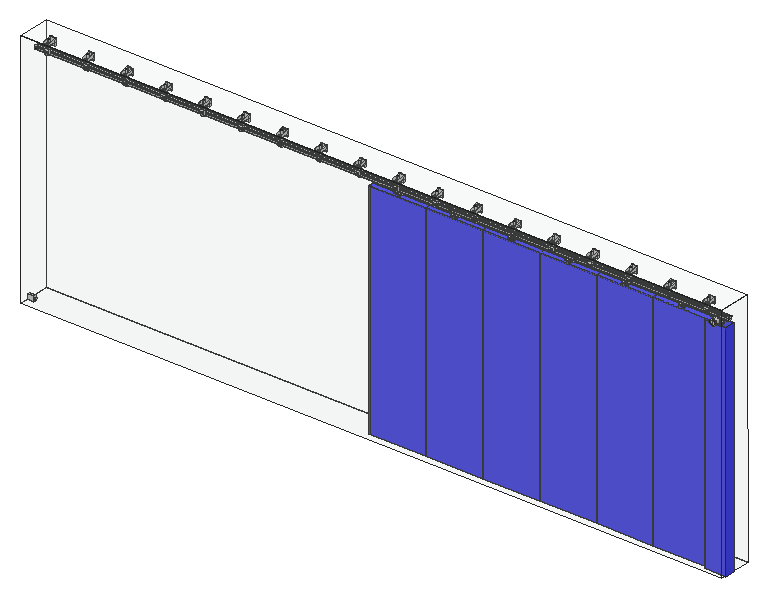
Revit family "Somati-System_SGS_Horizontal-fire-sliding-door_9050_lintel_EI60_W-to-H-higher-than-1,3", category Doors, host Wall, Revit 2018
Family settings
  Host = Wall
  OmniClass Number = 23.30.10.00
  OmniClass Title = Doors
  Always vertical = Yes
  Cut with Voids When Loaded = No
  Shared = No
  Room Calculation Point = No
Parameters (values of type "EI 60")
  Youtube clip = "https://www.youtube.com/watch?v=pRjbxBvixFY&feature=emb_logo"
  Wing top offset [instance] = 91 mm  # constant formula
  Wing thickness = 71.2 mm
  Wing access (D) [instance] = [Width (W)] + 150 mm  # 5650 mm
  Width (W) [instance] = 5500 mm
  Weight Net (Kg) = "0"
  Uniformat II Description = ""
  Uniformat II Code = ""
  Uniclass 2015 Name = ""
  Uniclass 2015 Code = ""
  Uniclass 2.0 Description = ""
  Uniclass 2.0 Code = ""
  Uniclass 1.4 Description = ""
  Uniclass 1.4 Code = ""
  UNSPSC Code = ""
  Total height (Z) [instance] = Height Control + 375 mm  # 3975 mm
  Thickness = 0 mm
  Technical description = "https://somati-system.pl/en/download/sgs-download-en/"
  Region South America = "None"
  Region Oceania = "None"
  Region North America = "None"
  Region Middle East = "None"
  Region Europe = "AD, AL, AT, AX, BA, BE, BG, BY, CH, CY, CZ, DE, DK, EE, ES, FI, FO, FR, GB, GG, GI, GR, HR, HU, IE, IM, IS, IT, JE, LI, LT, LU, LV, MC, MD, ME, MK, MT, NL, NO, PL, PT, RO, RS, RU, SE, SI, SJ, SK, SM, UA, VA"
  Region Asia = "None"
  Region Antarctica = "None"
  Region Africa = "None"
  Rail and assembly materials [instance] = Somati - Stainless Steel - 7035
  QR code = "http://bimobject.com/somati-system/product/SGS_HORIZONTAL_FIRE_SLIDING_DOOR"
  Product url = "https://somati-system.pl/en/products/sgs-horizontal-fire-sliding-doors/"
  Product group = "SGS"
  Product family = "SGS"
  Product data url = "https://bimobject.com/somati-system/product/SGS_HORIZONTAL_FIRE_SLIDING_DOOR"
  Product certification = ""
  Product SKU = "SGS_HORIZONTAL_FIRE_SLIDING_DOOR"
  Product Guid = "8235eb12-0acf-4b60-9ca9-7613396e8d01"
  Power supply of control panel = "230V/50Hz/6A"  # constant formula
  Panel width [instance] = ([Width (W)] + 168 mm) / Number of panels in wing  # 944.667 mm
  Panel material = Somati - Stainless Steel - Custom
  Panel height [instance] = Height Control + Wing top offset  # 3691 mm
  OmniClass Description = ""
  OmniClass Code = ""
  Offset Right [instance] = [Counterweight housing (A2)]  # 360 mm
  Offset Left [instance] = 0 mm
  Number of panels in wing [instance] = roundup([Width (W)] / 1000 mm)  # 6
  Number of hangers [instance] = ([Guide rail length (K)] - 420 mm) / 600 mm  # 18
  Nominal width = 0 mm
  Nominal height = 0 mm
  NBS Reference Description = ""
  NBS Reference Code = ""
  Model = "SGS"  # constant formula
  Max number of opening cycles = 50000  # constant formula
  Material secondary = "Composite"
  Material main = "Steel"
  Masterformat 2014 Description = ""
  Masterformat 2014 Code = ""
  Manufacturer name = "Somati System"
  Manufacturer country = "Poland"
  Manufacturer = "Somati System"  # constant formula
  Installation instructions = ""
  IFC Classification = ""
  Height Control [instance] = if([Height (H)] < 3501 mm, 3501 mm, [Height (H)])  # 3600 mm
  Height (H) [instance] = 3600 mm
  Guide rail lower edge (B1) [instance] = Height Control + 170 mm  # 3770 mm
  Guide rail length (K) [instance] = [Wing access (D)] + [Width (W)] + [Counterweight housing (A2)]  # 11510 mm
  Gate Control type = "Electromagnetic brake"  # constant formula
  GTIN code = ""
  Function = Interior
  Height = 3000 mm
  Wall Closure = By host
  Width = 3000 mm
  Fire resistance = "EI 60, EI 120 n"  # constant formula
  Edition number = 1
  Design country = "Poland"
  Date of publishing = ""
  Counterweight housing (A2) [instance] = if([Width (W)] / Height Control > 1.3, 360 mm, 210 mm)  # 360 mm
  Console mounting axis (B2) [instance] = if(Height Control > 3500 mm, Height Control + 239 mm, Height Control + 179 mm)  # 3839 mm
  Clearance Area Visibility [instance] = yes
  COBIe Type Category = ""
  Buffer (A1) [instance] = [Wing access (D)] + 130 mm  # 5780 mm
  Brand url = ""
  BIMobject main category code = "doors"
  BIMobject main category = "Doors"
  BIMobject category code = "doors-fire"
  BIMobject category = "Fire Doors & Shutters"
  Available surface fnish = "Galvanized Stainless Steel PVC, MDF, HDF, laminate or veneer, STANDARD RAL 7035, 9002, 9006, 9010, and powder coating of whole RAL pallet"  # constant formula
Reference planes
  plane 1: y = 0
  plane 2 "Center (Left/Right)": x = 0
  plane 3 "Left": x = -2750
  plane 4 "Right": x = 2750
  plane 5 "Cutout height": z = 3600
  plane 6 "Exterior": y = 150
  plane 7 "Interior": y = -150
  plane 8 "Consoles mounting axis": z = 3839
  plane 9 "Total height top": z = 3975
  plane 10 "Guide rail bottom": z = 3770
  plane 11 "Wing access": x = -8400
  plane 12 "Buffer placement": x = -8530
  plane 13 "Counterweight housing": x = 3110
  plane 14 "Handle": z = 1050
  plane 15 "Wing end left": x = -2858
  plane 16 "Wing end top": z = 3691
  plane 17 "Wing end right": x = 2810
  plane 18: y = -324
  plane 19 "Wing axis": y = -229.75
  plane 20: y = -75
  plane 21: y = -193.4
  plane 22: y = -266.1
  plane 23: x = -2860
  plane 24 "end of hangers": x = -8190
  plane 25: x = -1040
  plane 26: x = -2795
  plane 27: y = -291.1
  plane 28: y = -162.9
  plane 29: x = -8890
  plane 30: x = -8539
  plane 31: x = -8714.5
  plane 32: x = 3110
  plane 33: x = -8530
  plane 34: x = -8710
  plane 35: z = 3757
  plane 36: x = 2960
  plane 37: y = -399
Forms (mm)
  Sweep 1, solid
    path origin (0, -150, 0) x (1, 0, 0) y (0, 0, 1)
      loop
        line (-2750, 0) -> (-2750, 3582) -> (2750, 3582)
    profile origin (-2750, -150, 1791) x (-1, 0, 0) y (0, -1, 0)
      loop
        line (22, 33) -> (22, 4)
        arc (22, 4) -> (23.172, 1.172) -> (26, 0) r 4
        line (26, 0) -> (68, 0)
        arc (68, 0) -> (70.828, 1.172) -> (72, 4) r 4
        line (72, 4) -> (72, 29)
        arc (72, 29) -> (72.586, 30.414) -> (74, 31) r 2
        line (74, 31) -> (95, 31) -> (95, 33) -> (22, 33)
  Sweep 2, solid, material "Somati - Stainless Steel - Custom" <- "Panel material"
    path origin (0, -150, 0) x (1, 0, 0) y (0, 0, 1)
      loop
        line (-2858, 3691) -> (-2858, 0)
    profile origin (-2858, -150, 1845.5) x (0, -1, 0) y (1, 0, 0)
      loop
        arc (18.1, 2) -> (19.272, -0.828) -> (22.1, -2) r 4
        line (22.1, -2) -> (114.1, -2)
        arc (114.1, -2) -> (116.928, -0.828) -> (118.1, 2) r 4
        line (118.1, 2) -> (118.1, 13) -> (116.1, 13) -> (116.1, 2)
        arc (116.1, 2) -> (115.514, 0.586) -> (114.1, 0) r 2
        line (114.1, 0) -> (22.1, 0)
        arc (22.1, 0) -> (20.686, 0.586) -> (20.1, 2) r 2
        line (20.1, 2) -> (20.1, 23) -> (18.1, 23) -> (18.1, 2)
  Sweep 3, solid, material "Somati - Stainless Steel - Custom" <- "Panel material"
    path origin (0, -150, 0) x (1, 0, 0) y (0, 0, 1)
      loop
        line (-2860, 3691) -> (2810, 3691)
    profile origin (-25, -150, 3691) x (0, 0, 1) y (0, -1, 0)
      loop
        line (-23, 19.5) -> (-23, 17.5) -> (-2, 17.5)
        arc (-2, 17.5) -> (0.828, 18.672) -> (2, 21.5) r 4
        line (2, 21.5) -> (2, 117.5) -> (0, 117.5) -> (0, 21.5)
        arc (0, 21.5) -> (-0.586, 20.086) -> (-2, 19.5) r 2
        line (-2, 19.5) -> (-23, 19.5)
  Sweep 4, solid, material "Somati - Stainless Steel - Custom" <- "Panel material"
    path origin (0, -150, 0) x (1, 0, 0) y (0, 0, 1)
      loop
        line (3110, 3691) -> (3110, 0)
    profile origin (3110, -150, 1845.5) x (0, -1, 0) y (1, 0, 0)
      loop
        line (165.25, -348) -> (165.25, 0) -> (0, 0) -> (0, -351) -> (33, -351) -> (33, -302) -> (128.25, -302) -> (128.25, -348) -> (165.25, -348)
      loop
        line (2, -300) -> (131.25, -300) -> (131.25, -345) -> (161.25, -345) -> (161.25, -3) -> (2, -3) -> (2, -300)
  Sweep 5, solid, material "Somati - Stainless Steel - 7035" <- "Rail and assembly materials"
    path origin (0, -150, -4.5) x (1, 0, 0) y (0, 0, 1)
      loop
        line (-8400, 3774.5) -> (3110, 3774.5)
    profile origin (-2645, -150, 3770) x (0, 0, 1) y (0, -1, 0)
      loop
        arc (60, 105.25) -> (57.95, 110.2) -> (53, 112.25) r 7
        line (53, 112.25) -> (30.917, 112.25)
        arc (30.917, 112.25) -> (30.008, 112.191) -> (29.114, 112.014) r 7
        line (29.114, 112.014) -> (5.196, 105.636)
        arc (5.196, 105.636) -> (1.449, 103.137) -> (0, 98.872) r 7
        line (0, 98.872) -> (0, 88.75) -> (3, 88.75) -> (3, 100.25) -> (5.312, 102.562) -> (30.393, 109.25) -> (53, 109.25)
        arc (53, 109.25) -> (55.828, 108.078) -> (57, 105.25) r 4
        line (57, 105.25) -> (57, 54.25)
        arc (57, 54.25) -> (55.828, 51.422) -> (53, 50.25) r 4
        line (53, 50.25) -> (30.393, 50.25) -> (5.312, 56.938) -> (3, 59.25) -> (3, 70.75) -> (0, 70.75) -> (0, 60.628)
        arc (0, 60.628) -> (1.449, 56.363) -> (5.196, 53.864) r 7
        line (5.196, 53.864) -> (29.114, 47.486)
        arc (29.114, 47.486) -> (30.008, 47.309) -> (30.917, 47.25) r 7
        line (30.917, 47.25) -> (53, 47.25)
        arc (53, 47.25) -> (57.95, 49.3) -> (60, 54.25) r 7
        line (60, 54.25) -> (60, 105.25)
  Extrusion 6, solid, material "Clearance Areas", visible <- "Clearance Area Visibility"
    sketch origin (-2209.467, 358.585, 220.701) x (1, 0, 0) y (0, 0, -1)
      loop
        line (-6320.533, 220.701) -> (-6320.533, -3758.299) -> (5319.467, -3758.299) -> (5319.467, 220.701) -> (-6320.533, 220.701)
    from -757.585 to -208.585
  Sweep 7, solid, material "Somati - Stainless Steel - Custom" <- "Panel material", not visible
    path origin (0, -150, 0) x (1, 0, 0) y (0, 0, 1)
      loop
        line (2750, 0) -> (2750, 3691)
    profile origin (2750, -150, 1845.5) x (-1, 0, 0) y (0, -1, 0)
      loop
        line (-9, 0) -> (-9, 33) -> (-58, 33) -> (-58, 124) -> (-12, 124) -> (-12, 161) -> (-60, 161) -> (-60, 0) -> (-9, 0)
Lines and regions (mm)
  Opening 1
    outline origin (-3050, -150, 0) x (1, 0, 0) y (0, 0, 1)
      loop
        line (300, 0) -> (5800, 0) -> (5800, 3600) -> (300, 3600) -> (300, 0)
Text (mm)
  text "Exterior" at (-2295.016, 1099.543, 0), in view "Ref. Level"
  text "Exterior" at (0, 1615.38, 3698.081), in view "Left"
  text "Exterior" at (0, 1036.032, 3874.932), in view "Right"
Dimensions and locks
  equal spacing: plane 3 "Left", plane 2 "Center (Left/Right)", plane 4 "Right"
  "Width (W)": plane 3 "Left" to plane 4 "Right"
  "Height Control": plane 5 "Cutout height" to host wall
  host wall to plane 5 "Cutout height" = 3600 mm  (x2)
  locked: plane 6 "Exterior" to host wall at 0
  locked: plane 7 "Interior" to host wall
  "Total height (Z)": plane 9 "Total height top" to level
  "Console mounting axis (B2)": plane 8 "Consoles mounting axis" to level
  "Guide rail lower edge (B1)": plane 10 "Guide rail bottom" to level
  "Buffer (A1)": plane 12 "Buffer placement" to plane 3 "Left"
  "Counterweight housing (A2)": plane 4 "Right" to plane 13 "Counterweight housing"
  "Wing access (D)": plane 11 "Wing access" to plane 3 "Left"
  locked: plane 14 "Handle" to level at 1050
  equal spacing: plane 21, plane 19 "Wing axis", plane 22
  equal spacing: group 1, group 6, group 14, group 17, group 18, group 2  (x3)
  locked: plane 4 "Right" to plane 17 "Wing end right" at 60
  "Wing top offset": plane 16 "Wing end top" to plane 5 "Cutout height"
  locked: plane 23 to plane 15 "Wing end left" at 2
  locked: Sweep 1 sketch curve to plane 5 "Cutout height" at 18
  locked: plane 24 "end of hangers" to plane 11 "Wing access" at 210
  equal spacing: group 4, group 24, group 23, group 22, group 21, group 20, group 19, group 16, group 15, group 13, group 12, group 11, group 10, group 9, group 8, group 7, group 5, group 3
  equal spacing: group 3, group 5, group 7, group 8, group 9, group 10, group 11, group 12, group 13, group 15, group 16, group 19, group 20, group 21, group 22, group 23, group 24, group 4  (x2)
  locked: plane 26 to plane 3 "Left" at 45
  locked: plane 28 to plane 21 at 30.5
  locked: plane 22 to plane 27 at 25
  locked: plane 15 "Wing end left" to plane 3 "Left" at 108
  locked: Sweep 4 to plane 19 "Wing axis" at 85.5
  locked: Sweep 4 sketch curve to Sweep 4 sketch curve at 3
  "Counterweight housing (A2)": plane 29 to plane 12 "Buffer placement"
  locked: plane 30 to plane 12 "Buffer placement" at 9
  equal spacing: plane 30, plane 31, plane 29
  "Offset Left": plane 33 to plane 12 "Buffer placement"
  "Offset Right": plane 4 "Right" to plane 32
  equal spacing: plane 29, plane 34, plane 12 "Buffer placement"
  locked: plane 35 to plane 16 "Wing end top" at 66
  equal spacing: plane 17 "Wing end right", plane 36, plane 32
  locked: host wall to plane 37 at 249
  locked: plane 19 "Wing axis" to host wall at 79.75
  aligned and locked: plane 3 "Left" to Opening 1 sketch curve
  aligned and locked: plane 5 "Cutout height" to Opening 1 sketch curve  (x2)
  aligned and locked: Opening 1 sketch curve to plane 4 "Right"
  aligned and locked: Opening 1 sketch curve to level
  aligned and locked: host wall to plane 1
  aligned and locked: nested 1 to plane 19 "Wing axis"
  aligned and locked: plane 15 "Wing end left" to nested 1
  aligned and locked: plane 17 "Wing end right" to nested 2
  aligned and locked: Sweep 1 sketch curve to plane 3 "Left"
  aligned and locked: plane 3 "Left" to Sweep 1 sketch curve
  aligned and locked: plane 4 "Right" to Sweep 1 sketch curve
  aligned and locked: level to Sweep 1 sketch curve
  aligned and locked: Sweep 2 sketch curve to plane 15 "Wing end left"
  aligned and locked: plane 16 "Wing end top" to Sweep 2 sketch curve
  aligned and locked: level to Sweep 2 sketch curve
  aligned and locked: Sweep 3 sketch curve to plane 16 "Wing end top"
  aligned and locked: Sweep 3 sketch curve to plane 23
  aligned and locked: Sweep 4 sketch curve to plane 16 "Wing end top"
  aligned and locked: plane 17 "Wing end right" to Sweep 3 sketch curve
  aligned and locked: nested 3 to plane 4 "Right"
  aligned and locked: nested 4 to plane 24 "end of hangers"
  aligned and locked: plane 6 "Exterior" to Extrusion 6
  aligned and locked: plane 13 "Counterweight housing" to Extrusion 6
  aligned and locked: Extrusion 6 to plane 12 "Buffer placement"
  aligned and locked: nested 2 to plane 19 "Wing axis"
  aligned and locked: plane 22 to Sweep 2
  aligned and locked: profile plane to Sweep 4 sketch curve
  aligned and locked: plane 17 "Wing end right" to Sweep 4 sketch curve
  aligned and locked: nested 6 to plane 19 "Wing axis"
  aligned and locked: nested 6 to plane 12 "Buffer placement"
  aligned and locked: Sweep 7 sketch curve to plane 4 "Right"
  aligned and locked: plane 16 "Wing end top" to Sweep 7 sketch curve
  aligned and locked: plane 32 to Sweep 5 sketch curve
  aligned and locked: Sweep 5 sketch curve to plane 10 "Guide rail bottom"
  aligned and locked: plane 9 "Total height top" to nested 3
  aligned and locked: plane 9 "Total height top" to nested 5
  aligned and locked: nested 3 to host wall
  aligned and locked: nested 5 to host wall
  aligned and locked: plane 11 "Wing access" to Sweep 5 sketch curve
  aligned and locked: nested 26 to plane 35
  aligned and locked: nested 26 to plane 19 "Wing axis"
  aligned and locked: plane 36 to nested 26
  aligned and locked: Extrusion 6 to plane 37
  aligned and locked: Extrusion 6 to nested 4
Automatic sketch dimensions
  plane 7 "Interior" to Sweep 1 sketch curve = 0 mm
  Sweep 1 sketch curve to profile plane = 22 mm
  Sweep 1 sketch curve to Sweep 1 sketch curve = 4 mm
  plane 7 "Interior" to Sweep 1 sketch curve = 4 mm
  Sweep 1 sketch curve to Sweep 1 sketch curve = 42 mm
  Sweep 1 sketch curve to Sweep 1 sketch curve = 2 mm
  Sweep 1 sketch curve to Sweep 1 sketch curve = 21 mm
  Sweep 1 sketch curve to Sweep 1 sketch curve = 25 mm
  Sweep 1 sketch curve to Sweep 1 sketch curve = 29 mm
  Sweep 2 sketch curve to Sweep 2 sketch curve = 0 mm  (x4)
  Sweep 2 sketch curve to profile plane = 0 mm
  Sweep 2 sketch curve to profile plane = 2 mm  (x2)
  plane 7 "Interior" to Sweep 2 sketch curve = 18.1 mm
  Sweep 2 sketch curve to Sweep 2 sketch curve = 2 mm
  Sweep 2 sketch curve to Sweep 2 sketch curve = 92 mm
  Sweep 2 sketch curve to Sweep 2 sketch curve = 11 mm
  Sweep 2 sketch curve to Sweep 2 sketch curve = 21 mm
  Sweep 3 sketch curve to Sweep 3 sketch curve = 0 mm  (x2)
  profile plane to Sweep 3 sketch curve = 0 mm
  profile plane to Sweep 3 sketch curve = 2 mm
  Sweep 3 sketch curve to Sweep 3 sketch curve = 21 mm
  Sweep 3 sketch curve to Sweep 3 sketch curve = 2 mm
  plane 7 "Interior" to Sweep 3 sketch curve = 17.5 mm
  Sweep 3 sketch curve to Sweep 3 sketch curve = 96 mm
  Sweep 4 sketch curve to level = 0 mm
  Sweep 4 sketch curve to plane 13 "Counterweight housing" = 0 mm
  plane 7 "Interior" to Sweep 4 sketch curve = 0 mm
  plane 7 "Interior" to Sweep 4 sketch curve = 2 mm
  Sweep 4 sketch curve to Sweep 4 sketch curve = 31 mm
  Sweep 4 sketch curve to Sweep 4 sketch curve = 95.25 mm
  Sweep 4 sketch curve to Sweep 4 sketch curve = 3 mm  (x2)
  Sweep 4 sketch curve to Sweep 4 sketch curve = 30 mm
  Sweep 4 sketch curve to Sweep 4 sketch curve = 4 mm
  Sweep 4 sketch curve to Sweep 4 sketch curve = 2 mm
  Sweep 4 sketch curve to Sweep 4 sketch curve = 45 mm
  Sweep 4 sketch curve to Sweep 4 sketch curve = 49 mm
  plane 9 "Total height top" to Extrusion 6 sketch curve = 4 mm
  Extrusion 6 sketch curve to plane 12 "Buffer placement" = 0 mm
  Extrusion 6 sketch curve to plane 13 "Counterweight housing" = 0 mm
  Extrusion 6 sketch curve to level = 0 mm
  Sweep 7 sketch curve to plane 14 "Handle" = 1050 mm
  plane 7 "Interior" to Sweep 7 sketch curve = 0 mm
  profile plane to Sweep 7 sketch curve = 60 mm
  Sweep 7 sketch curve to Sweep 7 sketch curve = 2 mm
  profile plane to Sweep 7 sketch curve = 12 mm
  profile plane to Sweep 7 sketch curve = 9 mm
  plane 7 "Interior" to Sweep 7 sketch curve = 33 mm
  Sweep 7 sketch curve to Sweep 7 sketch curve = 91 mm
  Sweep 7 sketch curve to Sweep 7 sketch curve = 37 mm
  Sweep 5 sketch curve to Sweep 5 sketch curve = 0 mm  (x5)
  Sweep 5 sketch curve to profile plane = 0 mm  (x2)
  Sweep 5 sketch curve to profile plane = 3 mm  (x2)
  Sweep 5 sketch curve to profile plane = 5.196 mm  (x2)
  Sweep 5 sketch curve to Sweep 5 sketch curve = 0.115 mm  (x2)
  Sweep 5 sketch curve to Sweep 5 sketch curve = 1.688 mm  (x2)
  Sweep 5 sketch curve to Sweep 5 sketch curve = 23.917 mm  (x2)
  Sweep 5 sketch curve to Sweep 5 sketch curve = 1.279 mm  (x2)
  Sweep 5 sketch curve to Sweep 5 sketch curve = 1.804 mm
  Sweep 5 sketch curve to Sweep 5 sketch curve = 0.524 mm
  Sweep 5 sketch curve to Sweep 5 sketch curve = 22.083 mm  (x2)
  Sweep 5 sketch curve to Sweep 5 sketch curve = 4 mm
  Sweep 5 sketch curve to Sweep 5 sketch curve = 3 mm
  plane 7 "Interior" to Sweep 5 sketch curve = 47.25 mm
  Sweep 5 sketch curve to Sweep 5 sketch curve = 0.236 mm
  Sweep 5 sketch curve to Sweep 5 sketch curve = 6.378 mm  (x2)
  Sweep 5 sketch curve to Sweep 5 sketch curve = 3.074 mm  (x2)
  Sweep 5 sketch curve to Sweep 5 sketch curve = 2.312 mm
  Sweep 5 sketch curve to Sweep 5 sketch curve = 10.122 mm  (x2)
  Sweep 5 sketch curve to Sweep 5 sketch curve = 18 mm
  Sweep 5 sketch curve to Sweep 5 sketch curve = 1.378 mm
Nested families
  nested 1: "Family2" at (-2385.667, -229.75, 0), Material <- "Panel material", Width <- "Panel width", Thickness <- "Wing thickness", Height <- "Panel height", type "Family2"
    with Width 944.667 mm, Thickness 71.2 mm, Material Somati - Stainless Steel - Custom, Height 3691 mm
  nested 2: "Family2" at (2337.667, -229.75, 0), Material <- "Panel material", Width <- "Panel width", Thickness <- "Wing thickness", Height <- "Panel height", type "Family2"
    with Width 944.667 mm, Thickness 71.2 mm, Material Somati - Stainless Steel - Custom, Height 3691 mm
  nested 3: "Family3" at (2716, -230.402, 3857) x (0, 1, 0) z (1, 0, 0), type "Family3", detail levels medium+fine
  nested 4: "Family3" at (-8224, -230.402, 3857) x (0, 1, 0) z (1, 0, 0), type "Family3", detail levels medium+fine
  nested 5: "Family3" at (2072.471, -230.402, 3857) x (0, 1, 0) z (1, 0, 0), type "Family3", detail levels medium+fine
  nested 6: "Stopper" at (-8480.037, -229.75, 0), type "Stopper", detail levels medium+fine
  nested 7: "Family2" at (-1441, -229.75, 0), Material <- "Panel material", Width <- "Panel width", Thickness <- "Wing thickness", Height <- "Panel height", type "Family2"
    with Width 944.667 mm, Thickness 71.2 mm, Material Somati - Stainless Steel - Custom, Height 3691 mm
  nested 8: "Family3" at (1428.941, -230.402, 3857) x (0, 1, 0) z (1, 0, 0), type "Family3", detail levels medium+fine
  nested 9: "Family3" at (785.412, -230.402, 3857) x (0, 1, 0) z (1, 0, 0), type "Family3", detail levels medium+fine
  nested 10: "Family3" at (141.882, -230.402, 3857) x (0, 1, 0) z (1, 0, 0), type "Family3", detail levels medium+fine
  nested 11: "Family3" at (-501.647, -230.402, 3857) x (0, 1, 0) z (1, 0, 0), type "Family3", detail levels medium+fine
  nested 12: "Family3" at (-1145.176, -230.402, 3857) x (0, 1, 0) z (1, 0, 0), type "Family3", detail levels medium+fine
  nested 13: "Family3" at (-1788.706, -230.402, 3857) x (0, 1, 0) z (1, 0, 0), type "Family3", detail levels medium+fine
  nested 14: "Family3" at (-2432.235, -230.402, 3857) x (0, 1, 0) z (1, 0, 0), type "Family3", detail levels medium+fine
  nested 15: "Family2" at (-496.333, -229.75, 0), Material <- "Panel material", Width <- "Panel width", Thickness <- "Wing thickness", Height <- "Panel height", type "Family2"
    with Width 944.667 mm, Thickness 71.2 mm, Material Somati - Stainless Steel - Custom, Height 3691 mm
  nested 16: "Family3" at (-3075.765, -230.402, 3857) x (0, 1, 0) z (1, 0, 0), type "Family3", detail levels medium+fine
  nested 17: "Family3" at (-3719.294, -230.402, 3857) x (0, 1, 0) z (1, 0, 0), type "Family3", detail levels medium+fine
  nested 18: "Family2" at (448.333, -229.75, 0), Material <- "Panel material", Width <- "Panel width", Thickness <- "Wing thickness", Height <- "Panel height", type "Family2"
    with Width 944.667 mm, Thickness 71.2 mm, Material Somati - Stainless Steel - Custom, Height 3691 mm
  nested 19: "Family2" at (1393, -229.75, 0), Material <- "Panel material", Width <- "Panel width", Thickness <- "Wing thickness", Height <- "Panel height", type "Family2"
    with Width 944.667 mm, Thickness 71.2 mm, Material Somati - Stainless Steel - Custom, Height 3691 mm
  nested 20: "Family3" at (-4362.824, -230.402, 3857) x (0, 1, 0) z (1, 0, 0), type "Family3", detail levels medium+fine
  nested 21: "Family3" at (-5006.353, -230.402, 3857) x (0, 1, 0) z (1, 0, 0), type "Family3", detail levels medium+fine
  nested 22: "Family3" at (-5649.882, -230.402, 3857) x (0, 1, 0) z (1, 0, 0), type "Family3", detail levels medium+fine
  nested 23: "Family3" at (-6293.412, -230.402, 3857) x (0, 1, 0) z (1, 0, 0), type "Family3", detail levels medium+fine
  nested 24: "Family3" at (-6936.941, -230.402, 3857) x (0, 1, 0) z (1, 0, 0), type "Family3", detail levels medium+fine
  nested 25: "Family3" at (-7580.471, -230.402, 3857) x (0, 1, 0) z (1, 0, 0), type "Family3", detail levels medium+fine
  nested 26: "brake" at (2960, -229.75, 3736.165) x (1, 0, 0) z (0, -1, 0), type "brake"
Definition of nested family "Family2"
  Parameters (values of type "Family2")
    Width [instance] = 349.761 mm
    Thickness [instance] = 117.742 mm
    Material [instance] = none
    Height [instance] = 398.765 mm
    Hardware material = none
  Reference planes
    plane 1 "Center (Front/Back)": y = 0
    plane 2: z = 0
    plane 3 "Center (Left/Right)": x = 0
    plane 4: x = -174.88
    plane 5: x = 174.88
    plane 6: y = 58.871
    plane 7: y = -58.871
    plane 8: z = 398.765
  Forms (mm)
    Extrusion 1, solid, material <- "Material"
      sketch origin (0, 0, 0) x (1, 0, 0) y (0, 1, 0)
        loop
          line (-174.88, -58.871) -> (174.88, -58.871) -> (174.88, 58.871) -> (-174.88, 58.871) -> (-174.88, -58.871)
      from 0 to 398.765
  Dimensions and locks
    equal spacing: plane 4, plane 3 "Center (Left/Right)", plane 5
    "Width": plane 4 to plane 5
    equal spacing: plane 6, plane 1 "Center (Front/Back)", plane 7
    "Thickness": plane 6 to plane 7
    "Height": plane 8 to plane 2
    aligned and locked: level to plane 2
    aligned and locked: plane 6 to Extrusion 1
    aligned and locked: Extrusion 1 to plane 7
    aligned and locked: Extrusion 1 to plane 4
    aligned and locked: plane 5 to Extrusion 1
    aligned and locked: plane 6 to Extrusion 1 sketch curve
    aligned and locked: Extrusion 1 sketch curve to plane 7
    aligned and locked: Extrusion 1 sketch curve to plane 4
    aligned and locked: plane 5 to Extrusion 1 sketch curve
    aligned and locked: plane 8 to Extrusion 1
    aligned and locked: plane 3 "Center (Left/Right)" to nested 1
    aligned and locked: plane 1 "Center (Front/Back)" to nested 1
    aligned and locked: nested 1 to plane 8
  Nested families
    nested 1: "Family1" at (0, 0, 491.765), type "Family1", detail levels medium+fine
  Definition of nested family "Family1"
    Parameters (values of type "Family1")
      Material = none
    Reference planes
      plane 1 "Center (Front/Back)": y = 0
      plane 2: z = 0
      plane 3 "Center (Left/Right)": x = 0
      plane 4: y = 1.5
      plane 5: y = -1.5
      plane 6: z = -93
    Forms (mm)
      Extrusion 1, solid, material <- "Material"
        sketch origin (0, 0, 0) x (0, 1, 0) y (0, 0, 1)
          loop
            arc (-4, -26) -> (0.101, -35.899) -> (10, -40) r 14
            line (10, -40) -> (12, -40)
            arc (12, -40) -> (16.243, -41.757) -> (18, -46) r 6
            line (18, -46) -> (18, -48)
            arc (18, -48) -> (16.243, -52.243) -> (12, -54) r 6
            line (12, -54) -> (-34, -54) -> (-34, -62) -> (12, -62)
            arc (12, -62) -> (21.899, -57.899) -> (26, -48) r 14
            line (26, -48) -> (26, -46)
            arc (26, -46) -> (21.899, -36.101) -> (12, -32) r 14
            line (12, -32) -> (10, -32)
            arc (10, -32) -> (5.757, -30.243) -> (4, -26) r 6
            line (4, -26) -> (4, 38) -> (-4, 38) -> (-4, -26)
        from -55 to 55
      Revolve 2, solid, material <- "Material"
        sketch origin (0, 0, 0) x (1, 0, 0) y (0, 0, 1)
          loop
            line (0, -184) -> (8.5, -184) -> (10, -182.5) -> (10, -94) -> (12.375, -94)
            arc (12.375, -94) -> (14.57, -93.613) -> (16.5, -92.5) r 6.422
            line (16.5, -92.5) -> (16.5, -86)
            arc (16.5, -86) -> (14.667, -84.526) -> (12.375, -84) r 5.254
            line (12.375, -84) -> (10, -84) -> (10, -75) -> (12.375, -75)
            arc (12.375, -75) -> (14.57, -74.613) -> (16.5, -73.5) r 6.422
            line (16.5, -73.5) -> (16.5, -67)
            arc (16.5, -67) -> (14.667, -65.526) -> (12.375, -65) r 5.254
            line (12.375, -65) -> (20, -65) -> (20, -62) -> (0, -62) -> (0, -184)
          loop
            line (16.5, -54) -> (16.5, -43)
            arc (16.5, -43) -> (14.667, -41.526) -> (12.375, -41) r 5.254
            line (12.375, -41) -> (0, -41) -> (0, -54) -> (16.5, -54)
          axis (0, -184) -> (0, -41)
        angle from 0 to 360
      Extrusion 3, void
        sketch origin (0, 0, 23) x (1, 0, 0) y (0, 0, 1)
          loop
            arc (-55, -28.637) -> (0, 15) -> (55, -28.637) r 56.479
            line (55, -28.637) -> (55, 17.5) -> (-55, 17.5) -> (-55, -28.637)
        from -23 to 30.5
      Extrusion 4, solid, material <- "Material"
        sketch origin (25, 0, 12.612) x (1, 0, 0) y (0, 0, 1)
          loop
            circle (70, 0) r 9
        from -7 to -3
      Extrusion 5, solid, material <- "Material"
        sketch origin (25, 0, 12.612) x (1, 0, 0) y (0, 0, -1)
          loop
            circle (70, -1.528) r 25
        from -22 to -9
      Sweep 6, void
        path in 3D
          loop
            arc (70, -9, 14.141) -> (95, -9, -10.859) -> (120, -9, 14.141) r 25
            arc (120, -9, 14.141) -> (95, -9, 39.141) -> (70, -9, 14.141) r 25
        profile origin (95, -9, 39.141) x (0, 0, 1) y (0, 1, 0)
          loop
            line (-1.5, 0) -> (0, -1.5) -> (0.954, -0.546) -> (-0.546, 0.954) -> (-1.5, 0)
      Extrusion 7, solid, material <- "Material"
        sketch origin (25, 0, 12.612) x (1, 0, 0) y (0, 0, -1)
          loop
            circle (70, 0) r 9
        from -7 to -3
      Extrusion 8, solid, material <- "Material"
        sketch origin (-25, 0, 12.612) x (-1, 0, 0) y (0, 0, -1)
          loop
            circle (70, 0) r 9
        from -9 to -1.5
      Extrusion 9, solid, material <- "Material"
        sketch origin (-25, 0, 12.612) x (-1, 0, 0) y (0, 0, 1)
          loop
            circle (70, 0) r 9
        from -9 to -1.5
      Extrusion 10, solid, material <- "Material"
        sketch origin (0, 0, 0) x (1, 0, 0) y (0, 0, 1)
          loop
            line (114, 38) -> (-114, 38)
            arc (-114, 38) -> (-118.243, 36.243) -> (-120, 32) r 6
            line (-120, 32) -> (-120, -6)
            arc (-120, -6) -> (-118.243, -10.243) -> (-114, -12) r 6
            line (-114, -12) -> (-70, -12) -> (-70, -4) -> (-24.592, -4) -> (24.592, -4) -> (70, -4) -> (70, -12) -> (114, -12)
            arc (114, -12) -> (118.243, -10.243) -> (120, -6) r 6
            line (120, -6) -> (120, 32)
            arc (120, 32) -> (118.243, 36.243) -> (114, 38) r 6
        from -1.5 to 1.5
      Revolve 11, solid, material <- "Material"
        sketch origin (0, 0, 0) x (0, 1, 0) y (0, 0, 1)
          loop
            arc (-22.5, -52.2) -> (-24.522, -52.351) -> (-26.5, -52.8) r 13.633
            line (-26.5, -52.8) -> (-26.5, -54) -> (-22.5, -54) -> (-22.5, -52.2)
          axis (-22.5, -54) -> (-22.5, -52.2)
        angle from 0 to 360
      Sweep 12, void
        path in 3D
          loop
            arc (70, -22, 14.141) -> (95, -22, -10.859) -> (120, -22, 14.141) r 25
            arc (120, -22, 14.141) -> (95, -22, 39.141) -> (70, -22, 14.141) r 25
        profile origin (95, -22, 39.141) x (0, 0, -1) y (0, -1, 0)
          loop
            line (1.5, 0) -> (0.546, 0.954) -> (-0.954, -0.546) -> (0, -1.5) -> (1.5, 0)
      Extrusion 13, solid, material <- "Material"
        sketch origin (25, 0, 12.612) x (1, 0, 0) y (0, 0, 1)
          loop
            circle (70, 1.528) r 25
        from -22 to -9
      Sweep 14, void
        path in 3D
          loop
            arc (120, 9, 14.141) -> (95, 9, -10.859) -> (70, 9, 14.141) r 25
            arc (70, 9, 14.141) -> (95, 9, 39.141) -> (120, 9, 14.141) r 25
        profile origin (95, 9, 39.141) x (0, 0, 1) y (0, -1, 0)
          loop
            line (-1.5, 0) -> (0, -1.5) -> (0.954, -0.546) -> (-0.546, 0.954) -> (-1.5, 0)
      Sweep 15, void
        path in 3D
          loop
            arc (70, 22, 14.141) -> (95, 22, -10.859) -> (120, 22, 14.141) r 25
            arc (120, 22, 14.141) -> (95, 22, 39.141) -> (70, 22, 14.141) r 25
        profile origin (95, 22, 39.141) x (0, 0, 1) y (0, 1, 0)
          loop
            line (-1.5, 0) -> (0, -1.5) -> (0.954, -0.546) -> (-0.546, 0.954) -> (-1.5, 0)
      Extrusion 16, solid, material <- "Material"
        sketch origin (-25, 0, 12.612) x (-1, 0, 0) y (0, 0, -1)
          loop
            circle (70, 0) r 9
        from -9 to -3
      Extrusion 17, solid, material <- "Material"
        sketch origin (-25, 0, 12.612) x (-1, 0, 0) y (0, 0, 1)
          loop
            circle (70, 1.528) r 25
        from -22 to -9
      Sweep 18, void
        path in 3D
          loop
            arc (-120, -9, 14.141) -> (-95, -9, -10.859) -> (-70, -9, 14.141) r 25
            arc (-70, -9, 14.141) -> (-95, -9, 39.141) -> (-120, -9, 14.141) r 25
        profile origin (-95, -9, 39.141) x (0, 0, 1) y (0, 1, 0)
          loop
            line (-1.5, 0) -> (0, -1.5) -> (0.954, -0.546) -> (-0.546, 0.954) -> (-1.5, 0)
      Extrusion 19, solid, material <- "Material"
        sketch origin (-25, 0, 12.612) x (-1, 0, 0) y (0, 0, 1)
          loop
            circle (70, 0) r 9
        from -9 to -3
      Sweep 20, void
        path in 3D
          loop
            arc (-70, -22, 14.141) -> (-95, -22, -10.859) -> (-120, -22, 14.141) r 25
            arc (-120, -22, 14.141) -> (-95, -22, 39.141) -> (-70, -22, 14.141) r 25
        profile origin (-95, -22, 39.141) x (0, 0, 1) y (0, -1, 0)
          loop
            line (-1.5, 0) -> (0, -1.5) -> (0.954, -0.546) -> (-0.546, 0.954) -> (-1.5, 0)
      Extrusion 21, solid, material <- "Material"
        sketch origin (-25, 0, 12.612) x (-1, 0, 0) y (0, 0, -1)
          loop
            circle (70, -1.528) r 25
        from -22 to -9
      Sweep 22, void
        path in 3D
          loop
            arc (-70, 9, 14.141) -> (-95, 9, -10.859) -> (-120, 9, 14.141) r 25
            arc (-120, 9, 14.141) -> (-95, 9, 39.141) -> (-70, 9, 14.141) r 25
        profile origin (-95, 9, 39.141) x (0, 0, 1) y (0, -1, 0)
          loop
            line (-1.5, 0) -> (0, -1.5) -> (0.954, -0.546) -> (-0.546, 0.954) -> (-1.5, 0)
      Sweep 23, void
        path in 3D
          loop
            arc (-70, 22, 14.141) -> (-95, 22, -10.859) -> (-120, 22, 14.141) r 25
            arc (-120, 22, 14.141) -> (-95, 22, 39.141) -> (-70, 22, 14.141) r 25
        profile origin (-95, 22, 39.141) x (0, 0, -1) y (0, 1, 0)
          loop
            line (1.5, 0) -> (0.546, 0.954) -> (-0.954, -0.546) -> (0, -1.5) -> (1.5, 0)
    Cuts and joins
      Extrusion 3 cuts Extrusion 1
      Sweep 6, Sweep 12, Sweep 14, Sweep 15, Sweep 18, Sweep 20 cuts Extrusion 5
      Sweep 14, Sweep 15, Sweep 22, Sweep 23 cuts Extrusion 13
      Sweep 18, Sweep 20 cuts Extrusion 17
      Sweep 22, Sweep 23 cuts Extrusion 21
    Lines and regions (mm)
      sketch lines
        curve 1: arc (120, -9, 14.141) -> (95, -9, 39.141) -> (70, -9, 14.141) r 25
        curve 2: arc (70, -9, 14.141) -> (95, -9, -10.859) -> (120, -9, 14.141) r 25
        curve 3: arc (120, -22, 14.141) -> (95, -22, 39.141) -> (70, -22, 14.141) r 25
        curve 4: arc (70, -22, 14.141) -> (95, -22, -10.859) -> (120, -22, 14.141) r 25
        curve 5: arc (70, 9, 14.141) -> (95, 9, 39.141) -> (120, 9, 14.141) r 25
        curve 6: arc (120, 9, 14.141) -> (95, 9, -10.859) -> (70, 9, 14.141) r 25
        curve 7: arc (120, 22, 14.141) -> (95, 22, 39.141) -> (70, 22, 14.141) r 25
        curve 8: arc (70, 22, 14.141) -> (95, 22, -10.859) -> (120, 22, 14.141) r 25
        curve 9: arc (-70, -9, 14.141) -> (-95, -9, 39.141) -> (-120, -9, 14.141) r 25
        curve 10: arc (-120, -9, 14.141) -> (-95, -9, -10.859) -> (-70, -9, 14.141) r 25
        curve 11: arc (-120, -22, 14.141) -> (-95, -22, 39.141) -> (-70, -22, 14.141) r 25
        curve 12: arc (-70, -22, 14.141) -> (-95, -22, -10.859) -> (-120, -22, 14.141) r 25
        curve 13: arc (-120, 9, 14.141) -> (-95, 9, 39.141) -> (-70, 9, 14.141) r 25
        curve 14: arc (-70, 9, 14.141) -> (-95, 9, -10.859) -> (-120, 9, 14.141) r 25
        curve 15: arc (-120, 22, 14.141) -> (-95, 22, 39.141) -> (-70, 22, 14.141) r 25
        curve 16: arc (-70, 22, 14.141) -> (-95, 22, -10.859) -> (-120, 22, 14.141) r 25
    Dimensions and locks
      aligned and locked: level to plane 2
Definition of nested family "Family3"
  Parameters (values of type "Family3")
    Material = none
    Default Elevation = 1219.2 mm
  Reference planes
    plane 1 "Center (Front/Back)": y = 0
    plane 2: z = 0
    plane 3 "Center (Left/Right)": x = 0
    plane 4: z = 34
    plane 5: y = -35.027
  Forms (mm)
    Extrusion 1, solid, material <- "Material"
      sketch origin (-42.203, -116.551, 0) x (1, 0, 0) y (0, 1, 0)
        loop
          arc (11.703, 98.551) -> (4.632, 95.622) -> (1.703, 88.551) r 10
          line (1.703, 88.551) -> (1.703, 54.862)
          arc (1.703, 54.862) -> (1.787, 53.562) -> (2.04, 52.285) r 10
          line (2.04, 52.285) -> (7.723, 30.974)
          arc (7.723, 30.974) -> (11.293, 25.621) -> (17.385, 23.551) r 10
          line (17.385, 23.551) -> (29.703, 23.551) -> (29.703, 29.551) -> (17.385, 29.551)
          arc (17.385, 29.551) -> (14.948, 30.379) -> (13.52, 32.52) r 4
          line (13.52, 32.52) -> (7.838, 53.831)
          arc (7.838, 53.831) -> (7.737, 54.342) -> (7.703, 54.862) r 4
          line (7.703, 54.862) -> (7.703, 88.551)
          arc (7.703, 88.551) -> (8.874, 91.38) -> (11.703, 92.551) r 4
          line (11.703, 92.551) -> (72.703, 92.551)
          arc (72.703, 92.551) -> (75.531, 91.38) -> (76.703, 88.551) r 4
          line (76.703, 88.551) -> (76.703, 54.862)
          arc (76.703, 54.862) -> (76.669, 54.342) -> (76.568, 53.831) r 4
          line (76.568, 53.831) -> (70.885, 32.52)
          arc (70.885, 32.52) -> (69.457, 30.379) -> (67.02, 29.551) r 4
          line (67.02, 29.551) -> (54.703, 29.551) -> (54.703, 23.551) -> (67.02, 23.551)
          arc (67.02, 23.551) -> (73.112, 25.621) -> (76.682, 30.974) r 10
          line (76.682, 30.974) -> (82.365, 52.285)
          arc (82.365, 52.285) -> (82.618, 53.562) -> (82.703, 54.862) r 10
          line (82.703, 54.862) -> (82.703, 88.551)
          arc (82.703, 88.551) -> (79.774, 95.622) -> (72.703, 98.551) r 10
          line (72.703, 98.551) -> (11.703, 98.551)
      from 0 to 68
    Revolve 2, solid, material <- "Material"
      sketch origin (0, 15, 34) x (1, 0, 0) y (0, 1, 0)
        loop
          line (0, -33) -> (10, -33) -> (10, 12) -> (12.375, 12)
          arc (12.375, 12) -> (14.57, 12.387) -> (16.5, 13.5) r 6.422
          line (16.5, 13.5) -> (16.5, 20)
          arc (16.5, 20) -> (14.667, 21.474) -> (12.375, 22) r 5.254
          line (12.375, 22) -> (20, 22) -> (20, 25) -> (0, 25) -> (0, -33)
        loop
          line (0, 33) -> (20, 33) -> (20, 36) -> (12.375, 36)
          arc (12.375, 36) -> (14.57, 36.387) -> (16.5, 37.5) r 6.422
          line (16.5, 37.5) -> (16.5, 44)
          arc (16.5, 44) -> (14.667, 45.474) -> (12.375, 46) r 5.254
          line (12.375, 46) -> (10, 46) -> (10, 105.5) -> (8.5, 107) -> (0, 107) -> (0, 33)
        axis (0, 107) -> (0, -33)
      angle from 0 to 360
    Extrusion 3, solid, material <- "Material"
      sketch origin (-0.197, 0, 63.854) x (0, 1, 0) y (0, 0, -1)
        loop
          line (107, 76.927) -> (54, 76.927)
          arc (54, 76.927) -> (44.1, 72.827) -> (40, 62.927) r 14
          line (40, 62.927) -> (40, 0.927)
          arc (40, 0.927) -> (44.1, -8.972) -> (54, -13.073) r 14
          line (54, -13.073) -> (107, -13.073) -> (107, -5.073) -> (54, -5.073)
          arc (54, -5.073) -> (49.757, -3.315) -> (48, 0.927) r 6
          line (48, 0.927) -> (48, 62.927)
          arc (48, 62.927) -> (49.757, 67.17) -> (54, 68.927) r 6
          line (54, 68.927) -> (107, 68.927) -> (107, 76.927)
      from -72.598 to 49.402
    Extrusion 4, solid, material <- "Material"
      sketch origin (-0.197, 0, 63.854) x (0, 1, 0) y (0, 0, -1)
        loop
          line (118, 76.927) -> (8, 76.927) -> (8, -13.073) -> (118, -13.073) -> (118, 76.927)
      from -80.598 to -72.598
    Extrusion 5, void
      sketch origin (-0.197, 0, 63.854) x (0, 1, 0) y (-1, 0, 0)
        loop
          line (80.705, 49.402) -> (107, -71.653) -> (107, 49.402) -> (80.705, 49.402)
      from -76.927 to 13.073
  Cuts and joins
    Extrusion 5 cuts Extrusion 3
  Dimensions and locks
    aligned and locked: level to plane 2
Definition of nested family "Stopper"
  Parameters (values of type "Stopper")
    Material = none
  Reference planes
    plane 1 "Center (Front/Back)": y = 0
    plane 2: z = 0
    plane 3 "Center (Left/Right)": x = 0
  Forms (mm)
    Extrusion 1, solid
      sketch origin (0, -69.316, 40.1) x (1, 0, 0) y (0, 1, 0)
        loop
          line (-49.963, 50.816) -> (50, 50.816) -> (50, 87.816) -> (-49.963, 87.816) -> (-49.963, 50.816)
      from -40 to 40
    Revolve 2, solid, material <- "Material"
      sketch origin (0, -18.5, 40.1) x (1, 0, 0) y (0, 1, 0)
        loop
          line (50, 36.9) -> (50, 18.5) -> (67.112, 18.5) -> (67.112, 36.9) -> (50, 36.9)
        axis (50, 18.5) -> (67.112, 18.5)
      angle from 0 to 360
  Dimensions and locks
    aligned and locked: level to plane 2
Definition of nested family "brake"
  Parameters (values of type "brake")
    Material = none
    Default Elevation = 1219.2 mm
  Reference planes
    plane 1 "Center (Front/Back)": y = 0
    plane 2: z = 0
    plane 3 "Center (Left/Right)": x = 0
    plane 4: z = 0
  Forms (mm)
    Revolve 1, solid, material <- "Material", detail levels medium+fine
      sketch origin (-1.83, 20.835, 169) x (0, 1, 0) y (0, 0, -1)
        loop
          line (0, 113.55) -> (0, 0) -> (43.75, 0)
          arc (43.75, 0) -> (44.457, 0.293) -> (44.75, 1) r 1
          line (44.75, 1) -> (44.75, 14.373) -> (47.25, 17.352) -> (47.25, 76) -> (45.25, 78) -> (47.5, 78) -> (47.5, 81) -> (21.5, 81) -> (21.5, 89.5)
          arc (21.5, 89.5) -> (21.207, 90.207) -> (20.5, 90.5) r 1
          line (20.5, 90.5) -> (12.5, 90.5) -> (12.5, 93.55) -> (23, 93.55) -> (23, 95.3) -> (48, 95.3) -> (48, 97.8) -> (43.067, 101.346) -> (48, 104.8) -> (48, 107.3) -> (23, 107.3) -> (23, 109.05) -> (12, 109.05) -> (12, 110.55) -> (6, 110.55) -> (6, 112.55) -> (5, 113.55) -> (0, 113.55)
        axis (0, 113.55) -> (0, 0)
      angle from 0 to 360
    Revolve 2, solid, material <- "Material", detail levels medium+fine
      sketch origin (-49.158, 19.721, 169) x (0, 1, 0) y (0, 0, -1)
        loop
          line (-40, 180) -> (-40, 139.5) -> (-30.5, 139.5) -> (-29.03, 140.349) -> (-29.03, 147.5) -> (-26.5, 147.5) -> (-26.5, 150) -> (-33.5, 150) -> (-33.5, 153) -> (-28, 153) -> (-28, 155) -> (-12.5, 155) -> (-12.5, 157) -> (-16.068, 158.552)
          arc (-16.068, 158.552) -> (-18, 161.5) -> (-16.068, 164.448) r 3.214
          line (-16.068, 164.448) -> (-12.5, 166) -> (-12.5, 168) -> (-28, 168) -> (-28, 170) -> (-30.5, 170) -> (-29.03, 170.849) -> (-29.03, 178) -> (-30.5, 178.849) -> (-33.899, 178.849) -> (-35.05, 180) -> (-40, 180)
        axis (-40, 180) -> (-40, 139.5)
      angle from 0 to 360
    Revolve 3, solid, material <- "Material", detail levels medium+fine
      sketch origin (53.17, 20.835, 169) x (0, 1, 0) y (0, 0, -1)
        loop
          line (-7.5, 169) -> (33, 169) -> (33, 173.95) -> (31.95, 175) -> (3, 175) -> (3, 182.5) -> (0.5, 182.5) -> (0.5, 179.97) -> (-6.651, 179.97) -> (-7.5, 178.5) -> (-7.5, 169)
        axis (-7.5, 169) -> (33, 169)
      angle from 0 to 360
    Extrusion 4, solid, material <- "Material"
      sketch origin (-1.83, 20.835, 169) x (0, 1, 0) y (0, 0, -1)
        loop
          arc (3, 154.5) -> (2.561, 153.439) -> (1.5, 153) r 1.5
          line (1.5, 153) -> (-56, 153)
          arc (-56, 153) -> (-58.121, 152.121) -> (-59, 150) r 3
          line (-59, 150) -> (-59, 81)
          arc (-59, 81) -> (-58.121, 78.879) -> (-56, 78) r 3
          line (-56, 78) -> (47.5, 78) -> (47.5, 81) -> (-56, 81) -> (-56, 150) -> (1.5, 150)
          arc (1.5, 150) -> (4.682, 151.318) -> (6, 154.5) r 4.5
          line (6, 154.5) -> (6, 187) -> (3, 187) -> (3, 154.5)
      from -70 to 70
    Revolve 5, solid, material <- "Material", detail levels medium+fine
      sketch origin (-56.83, 20.835, 169) x (0, 1, 0) y (0, 0, 1)
        loop
          line (-7.5, -169) -> (-7.5, -178.5) -> (-6.651, -179.97) -> (0.5, -179.97) -> (0.5, -182.5) -> (3, -182.5) -> (3, -175) -> (31.95, -175) -> (33, -173.95) -> (33, -169) -> (-7.5, -169)
        axis (-7.5, -169) -> (33, -169)
      angle from 0 to 360
    Extrusion 6, void
      sketch origin (-1.83, 68.335, 91) x (1, 0, 0) y (0, -1, 0)
        loop
          line (-69.695, 98.721) -> (-77.865, 98.721) -> (-77.865, -6.279) -> (79.695, -6.279) -> (79.695, 98.721) -> (69.695, 98.721) -> (44.608, 30.233)
          arc (44.608, 30.233) -> (0, -0.933) -> (-44.608, 30.233) r 47.506
          line (-44.608, 30.233) -> (-69.695, 98.721)
      from 0 to 75
    Extrusion 7, solid, material <- "Material", detail levels coarse
      sketch origin (0, 0, 0) x (1, 0, 0) y (0, 1, 0)
        loop
          circle (-1.83, 20.835) r 48
      from 61.7 to 170.45
    Extrusion 8, solid, material <- "Material", detail levels coarse
      sketch origin (0, 0, 0) x (1, 0, 0) y (0, 1, 0)
        loop
          circle (-49.158, -20.279) r 27.5
      from 0 to 14
  Cuts and joins
    Extrusion 6 cuts Revolve 3
    Extrusion 6 cuts Revolve 5
    Extrusion 6 cuts Extrusion 4
  Lines and regions (mm)
    reference lines
      curve 1: line (0, 53.835, 0) -> (0, -57.961, 0)
      curve 2: line (0, 20.835, 55.45) -> (0, 20.835, 170.45)
  Dimensions and locks
    aligned and locked: level to plane 2
